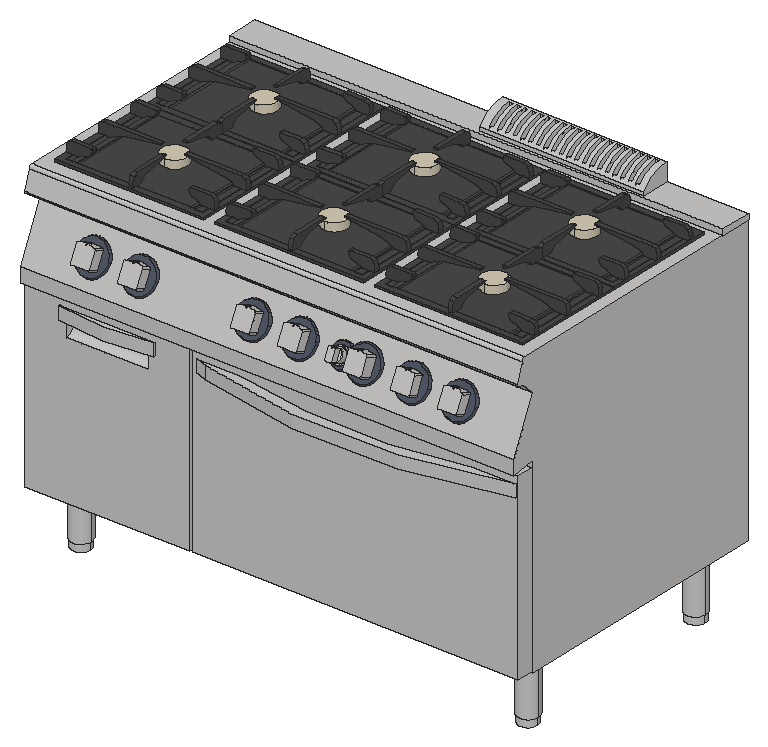
Revit family "QF_ZANUSSI_372151_Z7GCGL6C1A", category Specialty Equipment, Revit 2018 (continued)
Dimensions and locks
  plane 3 "LEFT" to plane 4 "RIGHT" = 1200.00 mm
  equal spacing: plane 5 "FRONT", plane 8 "Center X", plane 1 "BACK"
  plane 11 to plane 1 "BACK" = 715.00 mm
  plane 6 "TOP" to level = 908.00 mm
  plane 9 "Base" to level = 150.00 mm
  plane 6 "TOP" to plane 10 = 58.00 mm  (x2)
  plane 1 "BACK" to plane 11 = 715.00 mm
  plane 1 "BACK" to plane 12 = 1109.00 mm
  aligned and locked: level to plane 2
Automatic sketch dimensions
  curve 232 to curve 233 = 0.00 mm  (x2)
  curve 234 to plane 3 "LEFT" = 0.00 mm
  curve 235 to plane 3 "LEFT" = 0.00 mm
  plane 11 to curve 235 = 0.00 mm
  plane 11 to curve 236 = 0.00 mm
  plane 11 to curve 237 = 0.00 mm
  plane 11 to curve 238 = 0.00 mm
  plane 11 to curve 239 = 0.00 mm
  plane 11 to curve 222 = 0.00 mm
  plane 5 "FRONT" to curve 218 = 0.00 mm
  plane 11 to curve 240 = 0.00 mm
  plane 11 to curve 241 = 0.00 mm
  plane 11 to curve 242 = 0.00 mm
  curve 242 to plane 4 "RIGHT" = 0.00 mm
  curve 234 to plane 4 "RIGHT" = 0.00 mm
  plane 8 "Center X" to curve 243 = 35.153 mm
  plane 7 "Center Y" to curve 243 = 81.355 mm
  plane 11 to curve 215 = 9.347 mm
  plane 7 "Center Y" to curve 215 = 191.75 mm
  curve 216 to curve 216 = 0.809 mm
  curve 219 to curve 219 = 1.583 mm
  curve 216 to curve 217 = 1.846 mm
  curve 216 to curve 221 = 2.189 mm
  curve 215 to curve 218 = 11.892 mm
  plane 7 "Center Y" to curve 232 = 204.25 mm
  plane 5 "FRONT" to curve 214 = 5.671 mm
  curve 219 to curve 214 = 20.417 mm
  curve 221 to curve 220 = 19.134 mm
  curve 220 to curve 211 = 1.738 mm
  curve 213 to curve 212 = 2.00 mm
  curve 218 to curve 209 = 22.215 mm
  curve 212 to curve 221 = 19.003 mm
  curve 221 to curve 208 = 0.343 mm
  curve 208 to curve 210 = 1.071 mm
  curve 221 to curve 207 = 2.189 mm
  curve 207 to curve 206 = 0.809 mm
  curve 207 to curve 240 = 9.347 mm
  curve 221 to curve 207 = 1.333 mm
  curve 220 to curve 221 = 86.839 mm
  curve 220 to curve 211 = 0.00 mm
  curve 216 to curve 217 = 2.779 mm
  curve 207 to curve 208 = 2.779 mm
  plane 5 "FRONT" to curve 210 = 7.106 mm
  plane 5 "FRONT" to curve 219 = 7.106 mm
  curve 209 to plane 5 "FRONT" = 36.239 mm
  curve 218 to curve 209 = 0.00 mm
  curve 232 to plane 1 "BACK" = 537.50 mm
  plane 14 to curve 235 = 46.999 mm
  plane 14 to curve 236 = 0.999 mm
  curve 236 to plane 14 = 68.001 mm
  curve 236 to curve 237 = 45.871 mm
  curve 232 to plane 7 "Center Y" = 134.498 mm
  curve 232 to curve 237 = 53.998 mm
  curve 238 to plane 7 "Center Y" = 34.50 mm
  curve 243 to plane 7 "Center Y" = 14.426 mm
  plane 7 "Center Y" to curve 238 = 34.50 mm
  curve 243 to curve 238 = 0.00 mm
  curve 243 to curve 233 = 16.02 mm
  curve 233 to curve 239 = 29.98 mm
  curve 239 to curve 222 = 39.999 mm
  curve 239 to curve 222 = 15.995 mm
  curve 218 to curve 215 = 9.809 mm
  curve 219 to curve 219 = 0.284 mm
  curve 210 to curve 211 = 0.284 mm
  curve 206 to curve 209 = 9.809 mm
  curve 209 to curve 240 = 60.941 mm
  curve 240 to curve 241 = 46.00 mm
  plane 11 to curve 233 = 0.969 mm
  curve 241 to curve 233 = 69.00 mm
  curve 241 to curve 233 = 0.00 mm
  curve 241 to curve 242 = 46.00 mm
  curve 210 to curve 210 = 0.567 mm
  curve 219 to curve 219 = 0.567 mm
  Revolve 1 sketch curve to plane 9 "Base" = 0.00 mm  (x2)
  Revolve 1 sketch curve to level = 0.00 mm
  plane 3 "LEFT" to Revolve 1 sketch curve = 30.60 mm
  Revolve 1 sketch curve to Revolve 1 sketch curve = 2.50 mm
  Revolve 1 sketch curve to Revolve 1 sketch curve = 25.40 mm
  level to Revolve 1 sketch curve = 19.05 mm
  Revolve 1 sketch curve to Revolve 1 sketch curve = 0.00 mm
  plane 9 "Base" to Revolve 1 sketch curve = 20.00 mm
  Revolve 2 sketch curve to plane 9 "Base" = 0.00 mm  (x2)
  Revolve 2 sketch curve to level = 0.00 mm
  plane 3 "LEFT" to Revolve 2 sketch curve = 30.60 mm
  Revolve 2 sketch curve to Revolve 2 sketch curve = 2.50 mm
  Revolve 2 sketch curve to Revolve 2 sketch curve = 25.40 mm
  level to Revolve 2 sketch curve = 19.05 mm
  Revolve 2 sketch curve to Revolve 2 sketch curve = 0.00 mm
  plane 9 "Base" to Revolve 2 sketch curve = 20.00 mm
  Revolve 3 sketch curve to plane 9 "Base" = 0.00 mm  (x2)
  Revolve 3 sketch curve to level = 0.00 mm
  Revolve 3 sketch curve to plane 4 "RIGHT" = 30.60 mm
  Revolve 3 sketch curve to Revolve 3 sketch curve = 2.50 mm
  Revolve 3 sketch curve to Revolve 3 sketch curve = 25.40 mm
  level to Revolve 3 sketch curve = 19.05 mm
  Revolve 3 sketch curve to Revolve 3 sketch curve = 0.00 mm
  plane 9 "Base" to Revolve 3 sketch curve = 20.00 mm
  Revolve 4 sketch curve to plane 9 "Base" = 0.00 mm  (x2)
  Revolve 4 sketch curve to level = 0.00 mm
  Revolve 4 sketch curve to plane 4 "RIGHT" = 30.60 mm
  Revolve 4 sketch curve to Revolve 4 sketch curve = 2.50 mm
  Revolve 4 sketch curve to Revolve 4 sketch curve = 25.40 mm
  level to Revolve 4 sketch curve = 19.05 mm
  Revolve 4 sketch curve to Revolve 4 sketch curve = 0.00 mm
  plane 9 "Base" to Revolve 4 sketch curve = 20.00 mm
  Extrusion 5 sketch curve to plane 11 = 0.00 mm
  Extrusion 5 sketch curve to plane 5 "FRONT" = 0.00 mm
  Extrusion 5 sketch curve to plane 10 = 0.00 mm
  Extrusion 5 sketch curve to plane 9 "Base" = 0.00 mm
  Extrusion 5 sketch curve to plane 1 "BACK" = 0.00 mm
  Extrusion 5 sketch curve to plane 5 "FRONT" = 0.116 mm
  Extrusion 5 sketch curve to Extrusion 5 sketch curve = 2.884 mm
  Extrusion 5 sketch curve to plane 5 "FRONT" = 13.167 mm
  Extrusion 5 sketch curve to Extrusion 5 sketch curve = 10.198 mm
  Extrusion 5 sketch curve to Extrusion 5 sketch curve = 7.474 mm
  plane 9 "Base" to Extrusion 5 sketch curve = 5.00 mm
  Extrusion 5 sketch curve to plane 5 "FRONT" = 40.00 mm
  Extrusion 5 sketch curve to Extrusion 5 sketch curve = 1.355 mm
  Extrusion 5 sketch curve to Extrusion 5 sketch curve = 0.445 mm
  Extrusion 5 sketch curve to Extrusion 5 sketch curve = 5.00 mm
  Extrusion 5 sketch curve to Extrusion 5 sketch curve = 31.82 mm  (x2)
  Extrusion 5 sketch curve to Extrusion 5 sketch curve = 242.526 mm
  Extrusion 5 sketch curve to Extrusion 5 sketch curve = 5.508 mm
  Extrusion 5 sketch curve to Extrusion 5 sketch curve = 10.259 mm
  Extrusion 5 sketch curve to Extrusion 5 sketch curve = 35.00 mm
  Extrusion 5 sketch curve to Extrusion 5 sketch curve = 81.162 mm
  Extrusion 5 sketch curve to Extrusion 5 sketch curve = 3.00 mm
  Extrusion 6 sketch curve to plane 10 = 0.00 mm
  Extrusion 6 sketch curve to plane 1 "BACK" = 0.00 mm
  plane 10 to Extrusion 6 sketch curve = 14.288 mm
  plane 1 "BACK" to Extrusion 6 sketch curve = 76.20 mm
  Extrusion 7 sketch curve to plane 4 "RIGHT" = 52.387 mm
  Extrusion 7 sketch curve to plane 8 "Center X" = 114.00 mm
  Extrusion 8 sketch curve to plane 12 = 0.00 mm
  Extrusion 8 sketch curve to plane 5 "FRONT" = 0.00 mm
  plane 9 "Base" to Extrusion 8 sketch curve = 6.458 mm
  Extrusion 8 sketch curve to plane 5 "FRONT" = 35.998 mm
  plane 9 "Base" to Extrusion 8 sketch curve = 5.00 mm
  plane 11 to curve 11 = 0.00 mm
  curve 3 to plane 4 "RIGHT" = 0.00 mm
  plane 1 "BACK" to curve 92 = 0.00 mm
  plane 11 to curve 245 = 0.00 mm
  plane 12 to curve 245 = 0.00 mm
  plane 11 to curve 244 = 0.00 mm
  curve 1 to plane 3 "LEFT" = 0.00 mm
  plane 11 to curve 9 = 0.00 mm
  plane 11 to curve 1 = 0.00 mm
  plane 11 to curve 3 = 0.00 mm
  plane 4 "RIGHT" to curve 10 = 150.00 mm
  plane 1 "BACK" to curve 60 = 63.911 mm
  curve 60 to plane 4 "RIGHT" = 212.447 mm
  curve 60 to curve 63 = 9.296 mm
  curve 62 to curve 64 = 9.397 mm
  curve 64 to curve 65 = 9.296 mm
  curve 65 to curve 68 = 9.397 mm
  curve 68 to curve 69 = 9.296 mm
  curve 70 to curve 72 = 9.397 mm
  curve 72 to curve 74 = 9.296 mm
  curve 73 to curve 77 = 9.397 mm
  curve 76 to curve 77 = 9.296 mm
  curve 77 to curve 81 = 9.397 mm
  curve 80 to curve 82 = 9.296 mm
  curve 82 to curve 87 = 9.397 mm
  curve 84 to curve 86 = 9.296 mm
  curve 86 to curve 91 = 9.397 mm
  curve 88 to curve 91 = 9.296 mm
  curve 89 to curve 16 = 9.397 mm
  curve 16 to curve 18 = 9.296 mm
  curve 18 to curve 23 = 9.397 mm
  curve 20 to curve 22 = 9.296 mm
  curve 22 to curve 24 = 9.397 mm
  curve 24 to curve 26 = 9.296 mm
  curve 26 to curve 31 = 9.397 mm
  curve 28 to curve 29 = 9.296 mm
  curve 29 to curve 32 = 9.397 mm
  curve 32 to curve 34 = 9.296 mm
  curve 34 to curve 36 = 9.397 mm
  curve 36 to curve 38 = 9.296 mm
  curve 38 to curve 40 = 9.397 mm
  curve 40 to curve 41 = 9.296 mm
  curve 41 to curve 44 = 9.397 mm
  curve 44 to curve 45 = 9.296 mm
  curve 45 to curve 48 = 9.397 mm
  curve 48 to curve 50 = 9.296 mm
  curve 49 to curve 53 = 9.397 mm
  curve 52 to curve 54 = 9.296 mm
  curve 54 to curve 56 = 9.397 mm
  curve 56 to curve 57 = 9.296 mm
  curve 58 to curve 15 = 9.397 mm
  curve 12 to curve 14 = 9.296 mm
  curve 9 to plane 3 "LEFT" = 150.00 mm
  curve 11 to plane 1 "BACK" = 150.00 mm
  plane 1 "BACK" to curve 86 = 6.761 mm
  plane 1 "BACK" to curve 83 = 6.761 mm
  plane 1 "BACK" to curve 88 = 6.761 mm
  plane 1 "BACK" to curve 12 = 6.761 mm
  plane 1 "BACK" to curve 79 = 6.761 mm
  plane 1 "BACK" to curve 16 = 6.761 mm
  plane 1 "BACK" to curve 75 = 6.761 mm
  plane 1 "BACK" to curve 20 = 6.761 mm
  plane 1 "BACK" to curve 71 = 6.761 mm
  plane 1 "BACK" to curve 24 = 6.761 mm
  plane 1 "BACK" to curve 67 = 6.761 mm
  plane 1 "BACK" to curve 28 = 6.761 mm
  plane 1 "BACK" to curve 63 = 6.761 mm
  plane 1 "BACK" to curve 32 = 6.761 mm
  plane 1 "BACK" to curve 59 = 6.761 mm
  plane 1 "BACK" to curve 36 = 6.761 mm
  plane 1 "BACK" to curve 55 = 6.761 mm
  plane 1 "BACK" to curve 40 = 6.761 mm
  plane 1 "BACK" to curve 51 = 6.761 mm
  plane 1 "BACK" to curve 44 = 6.761 mm
  curve 46 to curve 46 = 57.15 mm
  curve 44 to curve 42 = 0.00 mm
  curve 90 to curve 90 = 57.15 mm
  curve 49 to curve 45 = 0.00 mm
  curve 40 to curve 38 = 0.00 mm
  curve 52 to curve 49 = 0.00 mm
  curve 36 to curve 34 = 0.00 mm
  curve 56 to curve 53 = 0.00 mm
  curve 32 to curve 30 = 0.00 mm
  curve 28 to curve 26 = 0.00 mm
  curve 64 to curve 61 = 0.00 mm
  curve 24 to curve 22 = 0.00 mm
  curve 68 to curve 65 = 0.00 mm
  curve 20 to curve 18 = 0.00 mm
  curve 72 to curve 69 = 0.00 mm
  curve 14 to curve 57 = 0.00 mm
  curve 76 to curve 73 = 0.00 mm
  curve 80 to curve 77 = 0.00 mm
  curve 88 to curve 86 = 0.00 mm
  curve 92 to curve 60 = 14.847 mm
  plane 7 "Center Y" to curve 93 = 2.40 mm
  curve 245 to plane 7 "Center Y" = 191.50 mm
  curve 245 to curve 244 = 8.00 mm
  curve 7 to curve 5 = 69.85 mm
  curve 5 to curve 6 = 6.35 mm
  plane 1 "BACK" to Extrusion 9 sketch curve = 63.911 mm  (x2)
  Extrusion 9 sketch curve to plane 4 "RIGHT" = 212.447 mm
  Extrusion 9 sketch curve to Extrusion 9 sketch curve = 9.296 mm  (x20)
  Extrusion 9 sketch curve to Extrusion 9 sketch curve = 9.397 mm  (x19)
  Extrusion 9 sketch curve to Extrusion 9 sketch curve = 0.00 mm  (x18)
  plane 1 "BACK" to Extrusion 9 sketch curve = 6.761 mm  (x20)
  Extrusion 10 sketch curve to plane 1 "BACK" = 0.00 mm
  Extrusion 10 sketch curve to plane 6 "TOP" = 0.00 mm
  plane 1 "BACK" to Extrusion 10 sketch curve = 1.769 mm
  plane 10 to Extrusion 10 sketch curve = 23.813 mm
  plane 1 "BACK" to Extrusion 10 sketch curve = 69.85 mm
  plane 10 to Extrusion 10 sketch curve = 14.288 mm
  Blend 11 sketch curve to plane 7 "Center Y" = 57.50 mm  (x2)
  Extrusion 12 sketch curve to plane 7 "Center Y" = 80.50 mm
  Extrusion 12 sketch curve to Extrusion 12 sketch curve = 2.997 mm  (x3)
  Extrusion 12 sketch curve to Extrusion 12 sketch curve = 20.003 mm  (x2)
  Extrusion 12 sketch curve to plane 7 "Center Y" = 37.497 mm
  Extrusion 12 sketch curve to Extrusion 12 sketch curve = 5.399 mm
  Extrusion 12 sketch curve to Extrusion 12 sketch curve = 40.037 mm
  Extrusion 12 sketch curve to Extrusion 12 sketch curve = 0.00 mm  (x2)
  plane 13 "panel" to Extrusion 13 sketch curve = 35.00 mm
  plane 5 "FRONT" to Extrusion 13 sketch curve = 5.671 mm
  Extrusion 13 sketch curve to Extrusion 13 sketch curve = 3.00 mm
  Extrusion 13 sketch curve to Extrusion 13 sketch curve = 0.00 mm  (x2)
  Extrusion 13 sketch curve to Extrusion 13 sketch curve = 1.00 mm
  Extrusion 13 sketch curve to Extrusion 13 sketch curve = 15.00 mm
  Extrusion 14 sketch curve to plane 7 "Center Y" = 75.00 mm
  Extrusion 14 sketch curve to Extrusion 14 sketch curve = 35.00 mm  (x2)
  plane 13 "panel" to Extrusion 15 sketch curve = 35.00 mm
  plane 5 "FRONT" to Extrusion 15 sketch curve = 5.671 mm
  Extrusion 15 sketch curve to Extrusion 15 sketch curve = 3.00 mm
  Extrusion 15 sketch curve to Extrusion 15 sketch curve = 0.00 mm
  Extrusion 15 sketch curve to Extrusion 15 sketch curve = 1.00 mm  (x2)
  Extrusion 15 sketch curve to Extrusion 15 sketch curve = 15.00 mm
  plane 7 "Center Y" to Extrusion 16 sketch curve = 75.00 mm
  Extrusion 16 sketch curve to Extrusion 16 sketch curve = 35.00 mm  (x2)
  plane 7 "Center Y" to Blend 17 sketch curve = 57.50 mm  (x2)
  plane 7 "Center Y" to Extrusion 18 sketch curve = 80.50 mm
  Extrusion 18 sketch curve to Extrusion 18 sketch curve = 2.997 mm  (x3)
  Extrusion 18 sketch curve to Extrusion 18 sketch curve = 20.003 mm  (x2)
  plane 7 "Center Y" to Extrusion 18 sketch curve = 37.497 mm
  Extrusion 18 sketch curve to Extrusion 18 sketch curve = 0.00 mm  (x2)
  Extrusion 18 sketch curve to Extrusion 18 sketch curve = 40.037 mm
  Extrusion 18 sketch curve to Extrusion 18 sketch curve = 5.399 mm
  Split face 2 sketch curve to Split face 2 sketch curve = 6.00 mm
  Split face 2 sketch curve to Split face 2 sketch curve = 10.00 mm
  Split face 3 sketch curve to Split face 3 sketch curve = 5.00 mm
  Split face 3 sketch curve to Split face 3 sketch curve = 9.00 mm
  Split face 4 sketch curve to Split face 4 sketch curve = 5.00 mm
  Split face 5 sketch curve to Split face 5 sketch curve = 5.00 mm
  Split face 6 sketch curve to Split face 6 sketch curve = 6.00 mm
  Split face 6 sketch curve to Split face 6 sketch curve = 10.00 mm
  Split face 7 sketch curve to Split face 7 sketch curve = 5.00 mm
  Split face 7 sketch curve to Split face 7 sketch curve = 9.00 mm
  Split face 8 sketch curve to Split face 8 sketch curve = 5.00 mm
  Split face 9 sketch curve to Split face 9 sketch curve = 5.00 mm
  plane 7 "Center Y" to Blend 19 sketch curve = 161.75 mm  (x2)
  Blend 19 sketch curve to Blend 19 sketch curve = 53.00 mm  (x2)
  Blend 19 sketch curve to Blend 19 sketch curve = 0.00 mm  (x2)
  Blend 19 sketch curve to Blend 19 sketch curve = 17.95 mm
  Blend 19 sketch curve to Blend 19 sketch curve = 24.037 mm
  Blend 19 sketch curve to Blend 19 sketch curve = 18.422 mm
  Blend 19 sketch curve to Blend 19 sketch curve = 21.086 mm
  plane 7 "Center Y" to Extrusion 20 sketch curve = 159.749 mm
  plane 13 "panel" to Extrusion 21 sketch curve = 40.00 mm
  plane 7 "Center Y" to Extrusion 21 sketch curve = 142.857 mm
  Extrusion 21 sketch curve to Extrusion 21 sketch curve = 6.058 mm
  Extrusion 21 sketch curve to Extrusion 21 sketch curve = 0.01 mm  (x4)
  Extrusion 21 sketch curve to Extrusion 21 sketch curve = 8.895 mm  (x2)
  Extrusion 21 sketch curve to Extrusion 21 sketch curve = 15.995 mm
  Extrusion 21 sketch curve to Extrusion 21 sketch curve = 2.827 mm
  Extrusion 21 sketch curve to Extrusion 21 sketch curve = 15.163 mm
  Extrusion 21 sketch curve to Extrusion 21 sketch curve = 0.00 mm
  Extrusion 21 sketch curve to Extrusion 21 sketch curve = 15.173 mm
  plane 7 "Center Y" to Extrusion 22 sketch curve = 191.75 mm
  Extrusion 22 sketch curve to Extrusion 22 sketch curve = 2.997 mm  (x3)
  Extrusion 22 sketch curve to Extrusion 22 sketch curve = 20.003 mm  (x2)
  Extrusion 22 sketch curve to Extrusion 22 sketch curve = 40.005 mm
  Extrusion 22 sketch curve to Extrusion 22 sketch curve = 5.399 mm
  Extrusion 22 sketch curve to Extrusion 22 sketch curve = 40.037 mm
  Extrusion 22 sketch curve to Extrusion 22 sketch curve = 0.00 mm  (x2)
  Split face 43 sketch curve to Split face 43 sketch curve = 2.545 mm
  Split face 43 sketch curve to Split face 43 sketch curve = 4.379 mm
  Blend 23 sketch curve to plane 4 "RIGHT" = 268.50 mm  (x2)
  Extrusion 24 sketch curve to plane 4 "RIGHT" = 291.50 mm
  Extrusion 24 sketch curve to Extrusion 24 sketch curve = 2.997 mm  (x3)
  Extrusion 24 sketch curve to Extrusion 24 sketch curve = 20.003 mm  (x2)
  Extrusion 24 sketch curve to Extrusion 24 sketch curve = 40.005 mm
  Extrusion 24 sketch curve to Extrusion 24 sketch curve = 5.399 mm
  Extrusion 24 sketch curve to Extrusion 24 sketch curve = 40.037 mm
  Extrusion 24 sketch curve to Extrusion 24 sketch curve = 0.00 mm  (x2)
  plane 13 "panel" to Extrusion 25 sketch curve = 35.00 mm
  plane 5 "FRONT" to Extrusion 25 sketch curve = 5.671 mm
  Extrusion 25 sketch curve to Extrusion 25 sketch curve = 3.00 mm
  Extrusion 25 sketch curve to Extrusion 25 sketch curve = 0.00 mm  (x2)
  Extrusion 25 sketch curve to Extrusion 25 sketch curve = 1.00 mm
  Extrusion 25 sketch curve to Extrusion 25 sketch curve = 15.00 mm
  Extrusion 26 sketch curve to plane 4 "RIGHT" = 286.00 mm
  Extrusion 26 sketch curve to Extrusion 26 sketch curve = 35.00 mm  (x2)
  plane 13 "panel" to Extrusion 27 sketch curve = 35.00 mm
  plane 5 "FRONT" to Extrusion 27 sketch curve = 5.671 mm
  Extrusion 27 sketch curve to Extrusion 27 sketch curve = 3.00 mm
  Extrusion 27 sketch curve to Extrusion 27 sketch curve = 0.00 mm
  Extrusion 27 sketch curve to Extrusion 27 sketch curve = 1.00 mm  (x2)
  Extrusion 27 sketch curve to Extrusion 27 sketch curve = 15.00 mm
  Extrusion 28 sketch curve to plane 4 "RIGHT" = 136.00 mm
  Extrusion 28 sketch curve to Extrusion 28 sketch curve = 35.00 mm  (x2)
  Blend 29 sketch curve to plane 4 "RIGHT" = 153.50 mm  (x2)
  Extrusion 30 sketch curve to plane 4 "RIGHT" = 130.50 mm
  Extrusion 30 sketch curve to Extrusion 30 sketch curve = 2.997 mm  (x3)
  Extrusion 30 sketch curve to Extrusion 30 sketch curve = 20.003 mm  (x2)
  Extrusion 30 sketch curve to Extrusion 30 sketch curve = 40.005 mm
  Extrusion 30 sketch curve to Extrusion 30 sketch curve = 0.00 mm  (x2)
  Extrusion 30 sketch curve to Extrusion 30 sketch curve = 40.037 mm
  Extrusion 30 sketch curve to Extrusion 30 sketch curve = 5.399 mm
  Split face 45 sketch curve to Split face 45 sketch curve = 6.00 mm
  Split face 45 sketch curve to Split face 45 sketch curve = 10.00 mm
  Split face 46 sketch curve to Split face 46 sketch curve = 5.00 mm
  Split face 46 sketch curve to Split face 46 sketch curve = 9.00 mm
  Split face 47 sketch curve to Split face 47 sketch curve = 5.00 mm
  Split face 48 sketch curve to Split face 48 sketch curve = 5.00 mm
  Split face 49 sketch curve to Split face 49 sketch curve = 6.00 mm
  Split face 49 sketch curve to Split face 49 sketch curve = 10.00 mm
  Split face 50 sketch curve to Split face 50 sketch curve = 5.00 mm
  Split face 50 sketch curve to Split face 50 sketch curve = 9.00 mm
  Split face 51 sketch curve to Split face 51 sketch curve = 5.00 mm
  Split face 52 sketch curve to Split face 52 sketch curve = 5.00 mm
  plane 14 to Blend 31 sketch curve = 23.999 mm  (x2)
  plane 14 to Extrusion 32 sketch curve = 46.999 mm
  Extrusion 32 sketch curve to Extrusion 32 sketch curve = 2.997 mm  (x2)
  Extrusion 32 sketch curve to Extrusion 32 sketch curve = 20.003 mm
  plane 14 to Extrusion 32 sketch curve = 3.996 mm  (x2)
  plane 14 to Extrusion 32 sketch curve = 0.999 mm
  Extrusion 32 sketch curve to Extrusion 32 sketch curve = 5.399 mm
  Extrusion 32 sketch curve to Extrusion 32 sketch curve = 40.037 mm
  Extrusion 32 sketch curve to Extrusion 32 sketch curve = 0.00 mm  (x2)
  plane 13 "panel" to Extrusion 33 sketch curve = 35.00 mm
  plane 5 "FRONT" to Extrusion 33 sketch curve = 5.671 mm
  Extrusion 33 sketch curve to Extrusion 33 sketch curve = 3.00 mm
  Extrusion 33 sketch curve to Extrusion 33 sketch curve = 0.00 mm  (x2)
  Extrusion 33 sketch curve to Extrusion 33 sketch curve = 1.00 mm
  Extrusion 33 sketch curve to Extrusion 33 sketch curve = 15.00 mm
  plane 14 to Extrusion 34 sketch curve = 41.499 mm
  plane 14 to Extrusion 34 sketch curve = 6.499 mm
  Extrusion 34 sketch curve to Extrusion 34 sketch curve = 35.00 mm
  plane 13 "panel" to Extrusion 35 sketch curve = 35.00 mm
  plane 5 "FRONT" to Extrusion 35 sketch curve = 5.671 mm
  Extrusion 35 sketch curve to Extrusion 35 sketch curve = 3.00 mm
  Extrusion 35 sketch curve to Extrusion 35 sketch curve = 0.00 mm
  Extrusion 35 sketch curve to Extrusion 35 sketch curve = 1.00 mm  (x2)
  Extrusion 35 sketch curve to Extrusion 35 sketch curve = 15.00 mm
  Extrusion 36 sketch curve to plane 14 = 108.501 mm
  Extrusion 36 sketch curve to Extrusion 36 sketch curve = 35.00 mm  (x2)
  Blend 37 sketch curve to plane 14 = 91.001 mm  (x2)
  Extrusion 38 sketch curve to plane 14 = 114.001 mm
  Extrusion 38 sketch curve to Extrusion 38 sketch curve = 2.997 mm  (x3)
  Extrusion 38 sketch curve to Extrusion 38 sketch curve = 20.003 mm  (x2)
  Extrusion 38 sketch curve to Extrusion 38 sketch curve = 40.005 mm
  Extrusion 38 sketch curve to Extrusion 38 sketch curve = 0.00 mm  (x2)
  Extrusion 38 sketch curve to Extrusion 38 sketch curve = 40.037 mm
  Extrusion 38 sketch curve to Extrusion 38 sketch curve = 5.399 mm
  Split face 61 sketch curve to Split face 61 sketch curve = 6.00 mm
  Split face 61 sketch curve to Split face 61 sketch curve = 10.00 mm
  Split face 62 sketch curve to Split face 62 sketch curve = 5.00 mm
  Split face 62 sketch curve to Split face 62 sketch curve = 9.00 mm
  Split face 63 sketch curve to Split face 63 sketch curve = 5.00 mm
  Split face 64 sketch curve to Split face 64 sketch curve = 5.00 mm
  Split face 65 sketch curve to Split face 65 sketch curve = 6.00 mm
  Split face 65 sketch curve to Split face 65 sketch curve = 10.00 mm
  Split face 66 sketch curve to Split face 66 sketch curve = 5.00 mm
  Split face 66 sketch curve to Split face 66 sketch curve = 9.00 mm
  Split face 67 sketch curve to Split face 67 sketch curve = 5.00 mm
  Split face 68 sketch curve to Split face 68 sketch curve = 5.00 mm
  plane 7 "Center Y" to Extrusion 39 sketch curve = 159.749 mm
  Extrusion 40 sketch curve to Extrusion 40 sketch curve = 0.00 mm  (x6)
  plane 5 "FRONT" to Extrusion 40 sketch curve = 0.00 mm  (x2)
  Extrusion 40 sketch curve to plane 4 "RIGHT" = 5.75 mm
  Extrusion 40 sketch curve to Extrusion 40 sketch curve = 93.605 mm
  plane 7 "Center Y" to Extrusion 40 sketch curve = 204.25 mm
  Extrusion 40 sketch curve to plane 1 "BACK" = 537.50 mm
  Extrusion 40 sketch curve to plane 11 = 4.65 mm
  plane 5 "FRONT" to Extrusion 41 sketch curve = 0.00 mm
  Extrusion 41 sketch curve to plane 14 = 138.301 mm
  Extrusion 41 sketch curve to plane 14 = 23.028 mm
  plane 3 "LEFT" to Extrusion 41 sketch curve = 85.253 mm
  plane 1 "BACK" to Extrusion 41 sketch curve = 105.503 mm
  plane 5 "FRONT" to Extrusion 41 sketch curve = 4.00 mm
  plane 5 "FRONT" to curve 230 = 0.00 mm
  plane 5 "FRONT" to curve 226 = 0.00 mm
  plane 5 "FRONT" to curve 225 = 0.00 mm
  plane 5 "FRONT" to curve 229 = 0.00 mm
  plane 11 to curve 224 = 11.999 mm
  plane 7 "Center Y" to curve 224 = 167.747 mm
  curve 231 to plane 5 "FRONT" = 1.915 mm
  curve 224 to curve 231 = 7.998 mm
  plane 11 to curve 223 = 11.999 mm
  curve 227 to curve 227 = 2.259 mm
  curve 226 to curve 227 = 0.319 mm
  curve 226 to curve 224 = 3.717 mm
  curve 227 to curve 226 = 1.423 mm
  curve 230 to curve 226 = 4.288 mm
  curve 226 to curve 231 = 0.001 mm
  curve 226 to curve 225 = 0.001 mm
  plane 11 to curve 228 = 0.716 mm
  curve 228 to curve 228 = 0.865 mm
  curve 228 to plane 11 = 1.976 mm
  curve 228 to curve 225 = 0.141 mm
  curve 223 to curve 225 = 3.718 mm
  curve 226 to curve 225 = 0.00 mm
  plane 5 "FRONT" to curve 224 = 1.224 mm
  plane 5 "FRONT" to curve 223 = 1.224 mm
  plane 5 "FRONT" to curve 229 = 4.847 mm
  curve 231 to curve 225 = 6.762 mm
  curve 229 to curve 226 = 0.003 mm
  plane 5 "FRONT" to curve 230 = 4.85 mm
  curve 226 to curve 227 = 0.047 mm
  Extrusion 42 sketch curve to plane 5 "FRONT" = 0.00 mm
  Extrusion 42 sketch curve to plane 12 = 0.074 mm
  plane 9 "Base" to Extrusion 42 sketch curve = 6.464 mm
  Extrusion 42 sketch curve to plane 5 "FRONT" = 36.072 mm
  plane 9 "Base" to Extrusion 42 sketch curve = 5.00 mm
  Extrusion 43 sketch curve to plane 5 "FRONT" = 0.00 mm
  plane 5 "FRONT" to Extrusion 43 sketch curve = 2.777 mm
  Extrusion 43 sketch curve to plane 5 "FRONT" = 21.853 mm
  Extrusion 43 sketch curve to plane 10 = 334.95 mm
  Extrusion 43 sketch curve to Extrusion 43 sketch curve = 26.327 mm
  plane 9 "Base" to Extrusion 44 sketch curve = 5.00 mm
  Extrusion 44 sketch curve to plane 7 "Center Y" = 199.50 mm
  Extrusion 44 sketch curve to Extrusion 44 sketch curve = 8.00 mm
  Extrusion 44 sketch curve to plane 10 = 250.00 mm
  plane 13 "panel" to Extrusion 45 sketch curve = 35.00 mm
  plane 5 "FRONT" to Extrusion 45 sketch curve = 5.671 mm
  Extrusion 45 sketch curve to Extrusion 45 sketch curve = 3.00 mm
  Extrusion 45 sketch curve to Extrusion 45 sketch curve = 0.00 mm  (x2)
  Extrusion 45 sketch curve to Extrusion 45 sketch curve = 1.00 mm
  Extrusion 45 sketch curve to Extrusion 45 sketch curve = 15.00 mm
  plane 13 "panel" to Extrusion 46 sketch curve = 41.00 mm
  plane 11 to Extrusion 46 sketch curve = 1.082 mm
  Extrusion 46 sketch curve to Extrusion 46 sketch curve = 3.00 mm
  Extrusion 46 sketch curve to Extrusion 46 sketch curve = 0.00 mm  (x2)
  Extrusion 46 sketch curve to Extrusion 46 sketch curve = 1.00 mm
  Extrusion 46 sketch curve to Extrusion 46 sketch curve = 15.00 mm
  radius of Extrusion 7 sketch curve = 6.35 mm
  radius of Blend 11 sketch curve = 42.50 mm
  radius of Blend 11 sketch curve = 40.50 mm
  radius of Split face 1 sketch curve = 3.00 mm
  radius of Blend 17 sketch curve = 42.50 mm
  radius of Blend 17 sketch curve = 40.50 mm
  radius of Split face 10 sketch curve = 1.50 mm
  radius of Split face 11 sketch curve = 2.029 mm
  radius of Split face 12 sketch curve = 2.031 mm
  radius of Split face 13 sketch curve = 3.497 mm
  radius of Split face 14 sketch curve = 3.497 mm
  radius of Split face 15 sketch curve = 3.00 mm
  radius of Split face 16 sketch curve = 1.50 mm
  radius of Extrusion 20 sketch curve = 20.00 mm
  radius of Split face 17 sketch curve = 1.00 mm
  radius of Split face 18 sketch curve = 1.00 mm
  radius of Split face 19 sketch curve = 1.00 mm
  radius of Split face 20 sketch curve = 1.00 mm
  radius of Split face 21 sketch curve = 1.00 mm
  radius of Split face 22 sketch curve = 1.00 mm
  radius of Split face 23 sketch curve = 1.00 mm
  radius of Split face 24 sketch curve = 1.00 mm
  radius of Split face 25 sketch curve = 1.00 mm
  radius of Split face 26 sketch curve = 1.00 mm
  radius of Split face 27 sketch curve = 1.00 mm
  radius of Split face 28 sketch curve = 1.00 mm
  radius of Split face 29 sketch curve = 1.00 mm
  radius of Split face 30 sketch curve = 1.00 mm
  radius of Split face 31 sketch curve = 1.00 mm
  radius of Split face 32 sketch curve = 1.00 mm
  radius of Split face 33 sketch curve = 1.00 mm
  radius of Split face 34 sketch curve = 1.00 mm
  radius of Split face 35 sketch curve = 1.00 mm
  radius of Split face 36 sketch curve = 1.00 mm
  radius of Split face 37 sketch curve = 1.00 mm
  radius of Split face 38 sketch curve = 1.00 mm
  radius of Split face 39 sketch curve = 1.00 mm
  radius of Split face 40 sketch curve = 1.00 mm
  radius of Split face 41 sketch curve = 1.508 mm
  radius of Split face 42 sketch curve = 1.343 mm
  radius of Blend 23 sketch curve = 42.50 mm
  radius of Blend 23 sketch curve = 40.50 mm
  radius of Split face 44 sketch curve = 3.00 mm
  radius of Blend 29 sketch curve = 42.50 mm
  radius of Blend 29 sketch curve = 40.50 mm
  radius of Split face 53 sketch curve = 1.50 mm
  radius of Split face 54 sketch curve = 2.029 mm
  radius of Split face 55 sketch curve = 2.031 mm
  radius of Split face 56 sketch curve = 3.497 mm
  radius of Split face 57 sketch curve = 3.497 mm
  radius of Split face 58 sketch curve = 3.00 mm
  radius of Split face 59 sketch curve = 1.50 mm
  radius of Blend 31 sketch curve = 42.50 mm
  radius of Blend 31 sketch curve = 40.50 mm
  radius of Split face 60 sketch curve = 3.00 mm
  radius of Blend 37 sketch curve = 42.50 mm
  radius of Blend 37 sketch curve = 40.50 mm
  radius of Split face 69 sketch curve = 1.50 mm
  radius of Split face 70 sketch curve = 2.029 mm
  radius of Split face 71 sketch curve = 2.031 mm
  radius of Split face 72 sketch curve = 3.497 mm
  radius of Split face 73 sketch curve = 3.497 mm
  radius of Split face 74 sketch curve = 3.00 mm
  radius of Split face 75 sketch curve = 1.50 mm
  radius of Extrusion 39 sketch curve = 16.00 mm
Nested families
  nested 1: "QF_372005_BURNER" at (23.5, -5, 0), type "QF_372005_BURNER"
    with Type Mark "", Status "", Specification by User "", Revision Code "", Item Number "", Installed By "", Identify Quantity as Lot yes, Furnished By "", Foodservice Equipment Identifier yes
  nested 2: "QF_372005_BURNER" at (23.5, -739.127, 0), type "QF_372005_BURNER"
    with Type Mark "", Status "", Specification by User "", Revision Code "", Item Number "", Installed By "", Identify Quantity as Lot yes, Furnished By "", Foodservice Equipment Identifier yes
  nested 3: "QF_372005_BURNER" at (412.5, -5, 0), type "QF_372005_BURNER"
    with Type Mark "", Status "", Specification by User "", Revision Code "", Item Number "", Installed By "", Identify Quantity as Lot yes, Furnished By "", Foodservice Equipment Identifier yes
  nested 4: "QF_372005_BURNER" at (412.5, -739.127, 0), type "QF_372005_BURNER"
    with Type Mark "", Status "", Specification by User "", Revision Code "", Item Number "", Installed By "", Identify Quantity as Lot yes, Furnished By "", Foodservice Equipment Identifier yes
  nested 5: "QF_372005_BURNER" at (1176.5, -5, 0) x (-1, 0, 0) z (0, 0, 1), type "QF_372005_BURNER"
    with Type Mark "", Status "", Specification by User "", Revision Code "", Item Number "", Installed By "", Identify Quantity as Lot yes, Furnished By "", Foodservice Equipment Identifier yes
  nested 6: "QF_372005_BURNER" at (1176.5, -739.127, 0) x (-1, 0, 0) z (0, 0, 1), type "QF_372005_BURNER"
    with Type Mark "", Status "", Specification by User "", Revision Code "", Item Number "", Installed By "", Identify Quantity as Lot yes, Furnished By "", Foodservice Equipment Identifier yes
Connectors
  piping at (1147.613, -464, 141.185), diameter 12.8
    settings: on Extrusion 7, index 1, connector inside diameter 0.50394", connector length 0.00 mm, flow factor 0, pipe flow 0 GPM, pressure drop 0.00 psi, fitting loss kfactor 0, connector angle 0.00°, fixture units 0, engagement length 0.00 mm, angle of deflection 0.00°, flow configuration 1, flow direction 1, fitting loss method 0, system type 7, joint type 0, gender type 0, connector reference index -1, connector utility 0, adjustable connector no, is connector primary yes, connector description "Gas Inlet"
Definition of nested family "QF_372005_BURNER"
  Parameters
    Weight in Pounds = 0
    URL Cutsheet = ""
    URL = "www.electrolux.com"
    Type Mark [instance] = ""
    Status [instance] = ""
    Specification by User [instance] = ""
    Specification by Manufacturer = ""
    Serial Number = ""
    Seismic Rating = ""
    SMACNA No = ""
    Revision Code [instance] = ""
    Omniclass Number and Title = ""
    NAFEM Spec ID Number = ""
    Model = "371009"
    Masterspec = ""
    Manufacturer = "ELECTROLUX"
    Item Number [instance] = ""
    Installed By [instance] = ""
    Identify Quantity as Lot [instance] = yes
    Furnished By [instance] = ""
    Foodservice Equipment Identifier [instance] = yes
    Description = ""
    CSI MasterFormat = ""
    CSI Master Format = ""
  Reference planes
    plane 1 "BACK": y = 0
    plane 2: z = 0
    plane 3 "LEFT": x = 0
    plane 4 "RIGHT": x = 800
    plane 5 "FRONT": y = -700
    plane 6 "TOP": z = 908.85
    plane 7 "Center Y": x = 400
    plane 8 "Center X": y = -350
    plane 9 "Base": z = 150
    plane 10: z = 850.85
  Forms (mm)
    Extrusion 1, solid
      sketch origin (0, -734.127, 5) x (1, 0, 0) y (0, 0, -1)
        loop
          arc (7.142, -850.85) -> (6.739, -862.989) -> (9.761, -874.752) r 42.809
          line (9.761, -874.752) -> (19.961, -879.425) -> (157.339, -879.425)
          arc (157.339, -879.425) -> (158.533, -878.312) -> (157.506, -877.043) r 1.197
          line (157.506, -877.043) -> (64.848, -864.021)
          arc (64.848, -864.021) -> (50.111, -858.738) -> (36.589, -850.85) r 85.245
          line (36.589, -850.85) -> (7.142, -850.85)
        loop
          line (367.858, -850.85) -> (338.411, -850.85)
          arc (338.411, -850.85) -> (324.889, -858.738) -> (310.152, -864.021) r 85.245
          line (310.152, -864.021) -> (217.494, -877.043)
          arc (217.494, -877.043) -> (216.467, -878.312) -> (217.661, -879.425) r 1.197
          line (217.661, -879.425) -> (355.039, -879.425) -> (365.239, -874.752)
          arc (365.239, -874.752) -> (368.261, -862.989) -> (367.858, -850.85) r 42.809
      from 224.564 to 234.564
    Extrusion 2, solid
      sketch origin (0, -734.127, 5) x (1, 0, 0) y (0, 0, -1)
        loop
          arc (7.056, -850.85) -> (6.705, -862.948) -> (9.748, -874.663) r 42.876
          line (9.748, -874.663) -> (19.961, -879.425) -> (65.851, -879.425)
          arc (65.851, -879.425) -> (68.577, -878.352) -> (69.841, -875.709) r 4
          arc (69.841, -875.709) -> (68.75, -869.25) -> (64.816, -864.012) r 13.87
          arc (64.816, -864.012) -> (50.096, -858.731) -> (36.589, -850.85) r 85.245
          line (36.589, -850.85) -> (7.056, -850.85)
        loop
          line (367.944, -850.85) -> (338.411, -850.85)
          arc (338.411, -850.85) -> (324.904, -858.731) -> (310.184, -864.012) r 85.245
          arc (310.184, -864.012) -> (306.25, -869.25) -> (305.159, -875.709) r 13.87
          arc (305.159, -875.709) -> (306.423, -878.352) -> (309.149, -879.425) r 4
          line (309.149, -879.425) -> (355.039, -879.425) -> (365.252, -874.663)
          arc (365.252, -874.663) -> (368.295, -862.948) -> (367.944, -850.85) r 42.876
      from 127.064 to 137.064
    Extrusion 3, solid
      sketch origin (0, -275, 5) x (1, 0, 0) y (0, 0, 1)
        loop
          arc (64.816, 864.012) -> (68.75, 869.25) -> (69.841, 875.709) r 13.87
          arc (69.841, 875.709) -> (68.577, 878.352) -> (65.851, 879.425) r 4
          line (65.851, 879.425) -> (19.961, 879.425) -> (9.748, 874.663)
          arc (9.748, 874.663) -> (6.705, 862.948) -> (7.056, 850.85) r 42.876
          line (7.056, 850.85) -> (36.589, 850.85)
          arc (36.589, 850.85) -> (50.096, 858.731) -> (64.816, 864.012) r 85.245
        loop
          arc (310.184, 864.012) -> (324.904, 858.731) -> (338.411, 850.85) r 85.245
          line (338.411, 850.85) -> (367.944, 850.85)
          arc (367.944, 850.85) -> (368.295, 862.948) -> (365.252, 874.663) r 42.876
          line (365.252, 874.663) -> (355.039, 879.425) -> (309.149, 879.425)
          arc (309.149, 879.425) -> (306.423, 878.352) -> (305.159, 875.709) r 4
          arc (305.159, 875.709) -> (306.25, 869.25) -> (310.184, 864.012) r 13.87
      from 127.064 to 137.064
    Extrusion 4, solid
      sketch origin (454.964, -29.48, 5) x (0, -1, 0) y (0, 0, 1)
        loop
          arc (366.649, 850.85) -> (375.927, 861.743) -> (389.337, 866.736) r 28.426
          line (389.337, 866.736) -> (441.256, 877.043)
          arc (441.256, 877.043) -> (442.283, 878.312) -> (441.089, 879.425) r 1.197
          line (441.089, 879.425) -> (347.797, 879.425)
          arc (347.797, 879.425) -> (343.211, 875.934) -> (337.583, 874.694) r 13.39
          line (337.583, 874.694) -> (337.583, 850.85) -> (366.649, 850.85)
        loop
          arc (606.236, 850.85) -> (606.587, 862.948) -> (603.543, 874.663) r 42.876
          line (603.543, 874.663) -> (593.33, 879.425) -> (509.077, 879.425)
          arc (509.077, 879.425) -> (507.883, 878.312) -> (508.911, 877.043) r 1.197
          line (508.911, 877.043) -> (560.83, 866.736)
          arc (560.83, 866.736) -> (574.239, 861.743) -> (583.518, 850.85) r 28.426
          line (583.518, 850.85) -> (606.236, 850.85)
      from 262.464 to 272.464
    Extrusion 5, solid
      sketch origin (0, 0, 850.85) x (0, -1, 0) y (1, 0, 0)
        loop
          line (642.216, 6.433) -> (642.216, 368.567) -> (367.857, 368.567) -> (367.857, 6.433) -> (642.216, 6.433)
        loop
          line (382.857, 21.433) -> (627.216, 21.433) -> (627.216, 353.567) -> (382.857, 353.567) -> (382.857, 21.433)
      from 0 to 5
    Extrusion 6, solid
      sketch origin (-12.5, 0, 855.85) x (0, -1, 0) y (1, 0, 0)
        loop
          circle (504.356, 200) r 30
      from -1.321 to 17.134
    Extrusion 7, solid
      sketch origin (0, -734.127, 0) x (1, 0, 0) y (0, 0, -1)
        loop
          line (21.433, -855.85) -> (36.589, -855.85)
          arc (36.589, -855.85) -> (40.561, -855.243) -> (44.305, -853.783) r 18.259
          arc (44.305, -853.783) -> (45.997, -853.366) -> (47.69, -853.783) r 3.649
          arc (47.69, -853.783) -> (49.901, -854.522) -> (52.232, -854.529) r 7.328
          line (52.232, -854.529) -> (322.768, -854.529)
          arc (322.768, -854.529) -> (325.099, -854.522) -> (327.31, -853.783) r 7.328
          arc (327.31, -853.783) -> (329.003, -853.366) -> (330.695, -853.783) r 3.649
          arc (330.695, -853.783) -> (334.439, -855.243) -> (338.411, -855.85) r 18.259
          line (338.411, -855.85) -> (353.567, -855.85) -> (353.567, -850.85) -> (21.433, -850.85) -> (21.433, -855.85)
      from 106.911 to 351.27
  Lines and regions (mm)
    symbolic lines
      curve 1: line (6.433, -642.216, 150) -> (368.567, -642.216, 150)
      curve 2: line (6.433, -367.857, 150) -> (6.433, -642.216, 150)
      curve 3: line (368.567, -367.857, 150) -> (192.5, -367.857, 150)
      curve 4: line (368.567, -642.216, 150) -> (368.567, -367.857, 150)
      curve 5: line (353.567, -382.857, 150) -> (192.5, -382.857, 150)
      curve 6: line (353.567, -627.216, 150) -> (353.567, -607.064, 150)
      curve 7: line (21.433, -627.216, 150) -> (182.5, -627.216, 150)
      curve 8: line (21.433, -382.857, 150) -> (21.433, -402.064, 150)
      curve 9: line (52.232, -627.216, 150) -> (52.232, -607.064, 150)
      curve 10: line (322.567, -382.857, 150) -> (322.567, -402.064, 150)
      curve 11: line (148.125, -499.564, 150) -> (148.125, -382.857, 150)
      curve 12: line (154.375, -382.857, 150) -> (154.375, -499.564, 150)
      curve 13: arc (148.297, -509.564, 150) -> (159.191, -533.254, 150) -> (182.5, -544.942, 150) r 39.375
      curve 14: arc (220.42, -509.564, 150) -> (211.39, -528.832, 150) -> (192.5, -538.631, 150) r 33.125
      curve 15: line (220.625, -382.857, 150) -> (220.625, -499.564, 150)
      curve 16: line (226.875, -499.564, 150) -> (226.875, -382.857, 150)
      curve 17: line (192.5, -636.339, 150) -> (192.5, -535.619, 150)
      curve 18: arc (182.657, -474.75, 150) -> (166.195, -483.236, 150) -> (157.853, -499.771, 150) r 30
      curve 19: arc (192.224, -533.982, 150) -> (208.621, -525.661, 150) -> (217.084, -509.337, 150) r 30
      curve 20: line (368.567, -597.064, 150) -> (305.159, -597.064, 150)
      curve 21: line (6.433, -607.064, 150) -> (69.841, -607.064, 150)
      curve 22: line (6.433, -509.564, 150) -> (156.429, -509.564, 150)
      curve 23: line (368.567, -499.564, 150) -> (218.571, -499.564, 150)
      curve 24: line (6.433, -412.064, 150) -> (69.841, -412.064, 150)
      curve 25: line (368.567, -402.064, 150) -> (305.159, -402.064, 150)
      curve 26: line (69.841, -597.064, 150) -> (6.433, -597.064, 150)
      curve 27: line (305.159, -607.064, 150) -> (368.567, -607.064, 150)
      curve 28: line (69.841, -402.064, 150) -> (6.433, -402.064, 150)
      curve 29: line (305.159, -412.064, 150) -> (368.567, -412.064, 150)
      curve 30: arc (69.841, -597.064, 150) -> (74.841, -602.064, 150) -> (69.841, -607.064, 150) r 5
      curve 31: arc (305.159, -607.064, 150) -> (300.159, -602.064, 150) -> (305.159, -597.064, 150) r 5
      curve 32: arc (69.841, -402.064, 150) -> (74.841, -407.064, 150) -> (69.841, -412.064, 150) r 5
      curve 33: arc (305.159, -412.064, 150) -> (300.159, -407.064, 150) -> (305.159, -402.064, 150) r 5
      curve 34: line (21.433, -412.064, 150) -> (21.433, -499.564, 150)
      curve 35: line (52.232, -402.064, 150) -> (52.232, -382.857, 150)
      curve 36: line (21.433, -509.564, 150) -> (21.433, -597.064, 150)
      curve 37: line (52.232, -499.564, 150) -> (52.232, -412.064, 150)
      curve 38: line (52.232, -597.064, 150) -> (52.232, -509.564, 150)
      curve 39: line (21.433, -607.064, 150) -> (21.433, -627.216, 150)
      curve 40: line (322.567, -607.064, 150) -> (322.567, -627.216, 150)
      curve 41: line (353.567, -597.064, 150) -> (353.567, -509.564, 150)
      curve 42: line (322.567, -509.564, 150) -> (322.567, -597.064, 150)
      curve 43: line (353.567, -499.564, 150) -> (353.567, -412.064, 150)
      curve 44: line (353.567, -402.064, 150) -> (353.567, -382.857, 150)
      curve 45: line (322.567, -412.064, 150) -> (322.567, -499.564, 150)
      curve 46: line (156.429, -499.564, 150) -> (6.433, -499.564, 150)
      curve 47: line (218.571, -509.564, 150) -> (368.567, -509.564, 150)
      curve 48: arc (218.571, -499.564, 150) -> (213.571, -504.564, 150) -> (218.571, -509.564, 150) r 5
      curve 49: arc (156.429, -499.564, 150) -> (161.429, -504.564, 150) -> (156.429, -509.564, 150) r 5
      curve 50: arc (157.916, -509.337, 150) -> (166.379, -525.661, 150) -> (182.776, -533.982, 150) r 30
      curve 51: arc (217.147, -499.771, 150) -> (208.805, -483.236, 150) -> (192.343, -474.75, 150) r 30
      curve 52: line (182.5, -535.619, 150) -> (182.5, -636.339, 150)
      curve 53: line (192.5, -473.508, 150) -> (192.5, -367.064, 150)
      curve 54: arc (192.5, -535.619, 150) -> (187.5, -530.619, 150) -> (182.5, -535.619, 150) r 5
      curve 55: arc (192.5, -473.508, 150) -> (187.5, -478.508, 150) -> (182.5, -473.508, 150) r 5
      curve 56: line (182.5, -367.857, 150) -> (6.433, -367.857, 150)
      curve 57: line (182.5, -382.857, 150) -> (21.433, -382.857, 150)
      curve 58: arc (192.5, -404.571, 150) -> (196.398, -417.071, 150) -> (192.5, -429.571, 150) r 21.993
      curve 59: arc (196.181, -420.148, 150) -> (199.482, -417.071, 150) -> (196.181, -413.995, 150) r 3.084
      curve 60: arc (182.5, -404.571, 150) -> (178.602, -417.071, 150) -> (182.5, -429.571, 150) r 21.993
      curve 61: arc (178.819, -420.148, 150) -> (175.518, -417.071, 150) -> (178.819, -413.995, 150) r 3.084
      curve 62: line (182.5, -367.064, 150) -> (182.5, -473.508, 150)
      curve 63: arc (182.5, -538.631, 150) -> (163.61, -528.832, 150) -> (154.58, -509.564, 150) r 33.125
      curve 64: arc (192.5, -544.942, 150) -> (215.809, -533.254, 150) -> (226.703, -509.564, 150) r 39.375
      curve 65: line (182.5, -636.339, 150) -> (192.5, -636.339, 150)
      curve 66: line (182.5, -377.277, 150) -> (192.5, -377.277, 150)
      curve 67: line (182.5, -367.064, 150) -> (192.5, -367.064, 150)
      curve 68: line (192.5, -627.216, 150) -> (353.567, -627.216, 150)
  Dimensions and locks
    equal spacing: plane 3 "LEFT", plane 7 "Center Y", plane 4 "RIGHT"
    plane 3 "LEFT" to plane 4 "RIGHT" = 800.00 mm
    equal spacing: plane 5 "FRONT", plane 8 "Center X", plane 1 "BACK"
    plane 5 "FRONT" to plane 1 "BACK" = 700.00 mm
    plane 6 "TOP" to level = 908.85 mm
    plane 9 "Base" to level = 150.00 mm
    plane 6 "TOP" to plane 10 = 58.00 mm  (x2)
    aligned and locked: level to plane 2
  Automatic sketch dimensions
    Extrusion 5 sketch curve to Extrusion 5 sketch curve = 15.00 mm  (x2)
    Extrusion 5 sketch curve to Extrusion 5 sketch curve = 332.134 mm
    plane 3 "LEFT" to Extrusion 2 sketch curve = 7.056 mm
    plane 3 "LEFT" to Extrusion 2 sketch curve = 9.748 mm
    Extrusion 2 sketch curve to Extrusion 2 sketch curve = 10.213 mm  (x2)
    plane 10 to Extrusion 2 sketch curve = 5.00 mm  (x2)
    Extrusion 2 sketch curve to Extrusion 2 sketch curve = 29.533 mm
    Extrusion 2 sketch curve to Extrusion 2 sketch curve = 12.72 mm  (x2)
    Extrusion 2 sketch curve to Extrusion 2 sketch curve = 6.697 mm
    Extrusion 2 sketch curve to Extrusion 2 sketch curve = 8.81 mm
    Extrusion 2 sketch curve to Extrusion 2 sketch curve = 9.845 mm  (x2)
    Extrusion 2 sketch curve to Extrusion 2 sketch curve = 3.99 mm  (x2)
    Extrusion 2 sketch curve to Extrusion 2 sketch curve = 0.00 mm  (x2)
    Extrusion 2 sketch curve to Extrusion 2 sketch curve = 36.813 mm
    Extrusion 2 sketch curve to plane 7 "Center Y" = 111.122 mm
    Extrusion 2 sketch curve to plane 6 "TOP" = 28.141 mm
    Extrusion 2 sketch curve to plane 7 "Center Y" = 94.841 mm
    Extrusion 2 sketch curve to Extrusion 2 sketch curve = 1.035 mm
    Extrusion 2 sketch curve to Extrusion 2 sketch curve = 15.507 mm
    Extrusion 2 sketch curve to Extrusion 2 sketch curve = 16.628 mm
    Extrusion 2 sketch curve to Extrusion 2 sketch curve = 2.692 mm
    Extrusion 2 sketch curve to plane 6 "TOP" = 24.425 mm
    Extrusion 2 sketch curve to Extrusion 2 sketch curve = 28.575 mm
    Extrusion 2 sketch curve to Extrusion 2 sketch curve = 3.716 mm
    Extrusion 2 sketch curve to Extrusion 2 sketch curve = 4.763 mm  (x2)
    plane 3 "LEFT" to Extrusion 1 sketch curve = 7.142 mm
    plane 3 "LEFT" to Extrusion 1 sketch curve = 9.761 mm
    Extrusion 1 sketch curve to Extrusion 1 sketch curve = 10.201 mm  (x2)
    plane 10 to Extrusion 1 sketch curve = 5.00 mm  (x2)
    Extrusion 1 sketch curve to Extrusion 1 sketch curve = 29.447 mm
    Extrusion 1 sketch curve to Extrusion 1 sketch curve = 12.704 mm  (x2)
    Extrusion 1 sketch curve to Extrusion 1 sketch curve = 15.555 mm  (x2)
    Extrusion 1 sketch curve to Extrusion 1 sketch curve = 36.829 mm
    Extrusion 1 sketch curve to plane 6 "TOP" = 24.425 mm  (x2)
    Extrusion 1 sketch curve to Extrusion 1 sketch curve = 92.491 mm
    Extrusion 1 sketch curve to plane 6 "TOP" = 26.807 mm  (x2)
    Extrusion 1 sketch curve to Extrusion 1 sketch curve = 0.167 mm  (x2)
    Extrusion 1 sketch curve to Extrusion 1 sketch curve = 59.988 mm
    Extrusion 1 sketch curve to plane 7 "Center Y" = 111.122 mm
    plane 10 to Extrusion 1 sketch curve = 18.171 mm
    Extrusion 1 sketch curve to Extrusion 1 sketch curve = 21.274 mm
    Extrusion 1 sketch curve to Extrusion 1 sketch curve = 16.628 mm
    Extrusion 1 sketch curve to Extrusion 1 sketch curve = 2.618 mm
    Extrusion 1 sketch curve to Extrusion 1 sketch curve = 4.673 mm  (x2)
    Extrusion 1 sketch curve to Extrusion 1 sketch curve = 5.694 mm
    plane 3 "LEFT" to Extrusion 3 sketch curve = 7.056 mm
    plane 3 "LEFT" to Extrusion 3 sketch curve = 9.748 mm
    Extrusion 3 sketch curve to Extrusion 3 sketch curve = 10.213 mm  (x2)
    plane 10 to Extrusion 3 sketch curve = 5.00 mm  (x2)
    Extrusion 3 sketch curve to Extrusion 3 sketch curve = 29.533 mm
    Extrusion 3 sketch curve to Extrusion 3 sketch curve = 12.72 mm  (x2)
    Extrusion 3 sketch curve to Extrusion 3 sketch curve = 6.697 mm
    Extrusion 3 sketch curve to Extrusion 3 sketch curve = 8.81 mm
    Extrusion 3 sketch curve to Extrusion 3 sketch curve = 9.845 mm  (x2)
    Extrusion 3 sketch curve to Extrusion 3 sketch curve = 3.99 mm  (x2)
    Extrusion 3 sketch curve to Extrusion 3 sketch curve = 0.00 mm  (x2)
    Extrusion 3 sketch curve to Extrusion 3 sketch curve = 36.813 mm
    Extrusion 3 sketch curve to plane 7 "Center Y" = 111.122 mm
    Extrusion 3 sketch curve to plane 6 "TOP" = 28.141 mm
    Extrusion 3 sketch curve to plane 7 "Center Y" = 94.841 mm
    Extrusion 3 sketch curve to Extrusion 3 sketch curve = 1.035 mm
    Extrusion 3 sketch curve to Extrusion 3 sketch curve = 15.507 mm
    Extrusion 3 sketch curve to Extrusion 3 sketch curve = 16.628 mm
    Extrusion 3 sketch curve to Extrusion 3 sketch curve = 2.692 mm
    Extrusion 3 sketch curve to plane 10 = 64.377 mm  (x2)
    plane 10 to Extrusion 3 sketch curve = 12.281 mm  (x2)
    Extrusion 3 sketch curve to Extrusion 3 sketch curve = 10.713 mm
    Extrusion 5 to Extrusion 6 sketch curve = 121.499 mm
    Extrusion 5 to Extrusion 6 sketch curve = 166.067 mm
    plane 3 "LEFT" to Extrusion 5 sketch curve = 21.433 mm
    Extrusion 5 sketch curve to plane 5 "FRONT" = 72.784 mm
    plane 3 "LEFT" to Extrusion 7 sketch curve = 21.433 mm
    Extrusion 7 sketch curve to Extrusion 7 sketch curve = 14.402 mm
    plane 10 to Extrusion 7 sketch curve = 5.00 mm
    plane 10 to Extrusion 7 sketch curve = 2.933 mm  (x4)
    Extrusion 7 sketch curve to Extrusion 7 sketch curve = 7.716 mm  (x2)
    Extrusion 7 sketch curve to Extrusion 7 sketch curve = 0.00 mm  (x2)
    Extrusion 7 sketch curve to Extrusion 7 sketch curve = 1.692 mm  (x2)
    Extrusion 7 sketch curve to Extrusion 7 sketch curve = 3.385 mm  (x2)
    Extrusion 7 sketch curve to plane 10 = 3.559 mm  (x2)
    Extrusion 7 sketch curve to Extrusion 7 sketch curve = 302.478 mm
    Extrusion 7 sketch curve to Extrusion 7 sketch curve = 15.253 mm
    Extrusion 7 sketch curve to Extrusion 7 sketch curve = 15.156 mm  (x2)
    Extrusion 7 sketch curve to Extrusion 7 sketch curve = 3.233 mm
    Extrusion 7 sketch curve to plane 10 = 0.00 mm
    Extrusion 7 sketch curve to plane 7 "Center Y" = 77.232 mm
    Extrusion 5 sketch curve to plane 8 "Center X" = 32.857 mm
    plane 3 "LEFT" to Extrusion 5 sketch curve = 6.433 mm
    plane 1 "BACK" to Extrusion 5 sketch curve = 367.857 mm
    plane 10 to Extrusion 4 sketch curve = 5.00 mm  (x2)
    Extrusion 4 sketch curve to Extrusion 4 sketch curve = 29.066 mm
    Extrusion 4 sketch curve to Extrusion 4 sketch curve = 22.688 mm
    Extrusion 4 sketch curve to plane 10 = 7.392 mm  (x2)
    Extrusion 4 sketch curve to Extrusion 4 sketch curve = 25.583 mm
    Extrusion 4 sketch curve to plane 6 "TOP" = 24.425 mm  (x2)
    Extrusion 4 sketch curve to Extrusion 4 sketch curve = 51.752 mm
    Extrusion 4 sketch curve to Extrusion 4 sketch curve = 0.167 mm  (x2)
    Extrusion 4 sketch curve to plane 6 "TOP" = 26.807 mm
    Extrusion 4 sketch curve to Extrusion 4 sketch curve = 67.655 mm
    Extrusion 4 sketch curve to Extrusion 4 sketch curve = 49.024 mm
    Extrusion 4 sketch curve to Extrusion 4 sketch curve = 2.895 mm
    Extrusion 4 sketch curve to Extrusion 4 sketch curve = 3.153 mm
    Extrusion 4 sketch curve to Extrusion 4 sketch curve = 19.535 mm
    Extrusion 4 sketch curve to Extrusion 4 sketch curve = 9.813 mm
    Extrusion 4 sketch curve to Extrusion 4 sketch curve = 10.213 mm
    Extrusion 4 sketch curve to Extrusion 4 sketch curve = 22.718 mm
    Extrusion 4 sketch curve to Extrusion 4 sketch curve = 8.605 mm
    Extrusion 4 sketch curve to Extrusion 4 sketch curve = 4.731 mm
    Extrusion 4 sketch curve to Extrusion 4 sketch curve = 2.382 mm
    Extrusion 4 sketch curve to Extrusion 4 sketch curve = 8.658 mm
    Extrusion 4 sketch curve to plane 8 "Center X" = 17.064 mm
    curve 13 to curve 14 = 0.00 mm  (x2)
    curve 13 to curve 63 = 0.00 mm  (x2)
    curve 13 to curve 64 = 0.00 mm  (x2)
    curve 18 to curve 19 = 0.00 mm  (x2)
    curve 18 to curve 50 = 0.00 mm  (x2)
    curve 18 to curve 51 = 0.00 mm  (x2)
    curve 25 to plane 7 "Center Y" = 31.433 mm
    curve 3 to curve 44 = 15.00 mm
    curve 43 to curve 44 = 0.00 mm
    curve 1 to curve 68 = 15.00 mm
    curve 41 to curve 43 = 0.00 mm
    curve 6 to curve 40 = 31.00 mm
    curve 41 to curve 42 = 31.00 mm
    curve 43 to curve 45 = 31.00 mm
    curve 10 to curve 45 = 0.00 mm
    curve 40 to curve 27 = 17.408 mm
    curve 45 to curve 29 = 17.408 mm
    curve 16 to curve 64 = 0.172 mm
    curve 16 to curve 15 = 6.25 mm
    curve 64 to curve 14 = 6.283 mm
    curve 15 to curve 23 = 2.054 mm
    curve 23 to curve 51 = 1.424 mm
    curve 47 to curve 19 = 1.487 mm
    curve 15 to curve 60 = 20.029 mm
    curve 60 to curve 59 = 4.198 mm
    curve 59 to curve 59 = 0.216 mm  (x2)
    curve 19 to curve 64 = 24.584 mm
    curve 55 to curve 51 = 0.157 mm
    curve 54 to curve 19 = 0.276 mm
    curve 19 to curve 64 = 4.724 mm
    curve 18 to curve 13 = 0.00 mm
    curve 54 to curve 54 = 5.00 mm
    curve 50 to curve 54 = 0.276 mm
    curve 18 to curve 55 = 0.157 mm
    curve 60 to curve 61 = 3.681 mm
    curve 61 to curve 61 = 0.00 mm
    curve 61 to curve 61 = 0.216 mm
    curve 61 to curve 58 = 4.198 mm
    curve 13 to curve 50 = 29.584 mm
    curve 50 to curve 18 = 0.064 mm
    curve 50 to curve 22 = 1.487 mm
    curve 22 to curve 63 = 1.849 mm
    curve 49 to curve 12 = 2.054 mm
    curve 63 to curve 13 = 6.283 mm
    curve 12 to curve 11 = 6.25 mm
    plane 3 "LEFT" to curve 30 = 69.841 mm
    plane 3 "LEFT" to curve 28 = 69.841 mm
    plane 3 "LEFT" to curve 38 = 52.232 mm
    curve 24 to curve 37 = 17.609 mm
    curve 9 to curve 38 = 0.00 mm
    curve 28 to curve 35 = 17.609 mm
    plane 3 "LEFT" to curve 39 = 21.433 mm
    plane 3 "LEFT" to curve 8 = 21.433 mm
    curve 34 to curve 8 = 0.00 mm
    curve 36 to curve 34 = 0.00 mm
    plane 3 "LEFT" to curve 21 = 6.433 mm
    curve 67 to curve 56 = 0.794 mm
    curve 67 to curve 3 = 0.794 mm
    curve 56 to curve 66 = 9.419 mm
    curve 10 to curve 33 = 19.206 mm
    curve 8 to curve 8 = 19.206 mm
    curve 57 to curve 60 = 21.714 mm
    curve 60 to curve 58 = 0.00 mm
    curve 28 to curve 32 = 5.00 mm
    curve 33 to curve 33 = 5.00 mm
    curve 58 to curve 59 = 9.423 mm
    curve 61 to curve 58 = 3.077 mm
    curve 60 to curve 62 = 43.937 mm
    curve 51 to curve 15 = 24.814 mm
    curve 23 to curve 51 = 0.207 mm
    curve 18 to curve 13 = 1.529 mm
    curve 38 to curve 38 = 87.50 mm
    curve 42 to curve 31 = 87.50 mm
    curve 26 to curve 30 = 5.00 mm
    curve 31 to curve 31 = 5.00 mm
    curve 9 to curve 9 = 20.152 mm
    curve 65 to plane 5 "FRONT" = 63.661 mm
    curve 6 to curve 4 = 15.00 mm
    curve 55 to curve 55 = 5.00 mm
    curve 53 to curve 18 = 5.00 mm
    curve 45 to curve 16 = 95.692 mm
    curve 2 to curve 57 = 15.00 mm
    curve 10 to plane 8 "Center X" = 32.857 mm
    curve 57 to plane 8 "Center X" = 32.857 mm
    curve 6 to curve 68 = 20.152 mm
    radius of Extrusion 6 sketch curve = 30.00 mm
